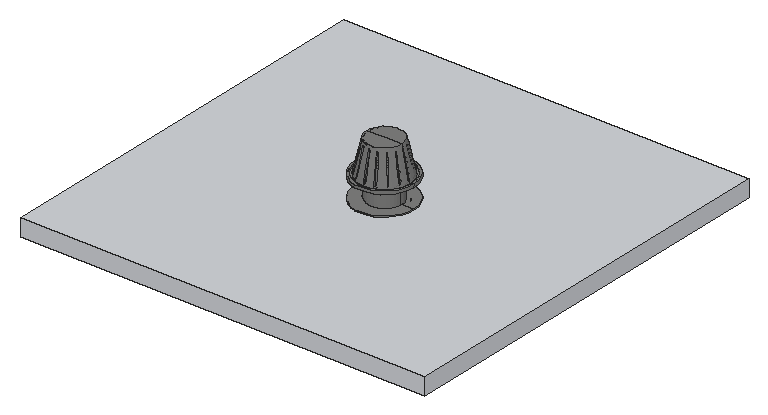
Revit family
Parameters (values of type "3"")
  URL = "WWW.MIFAB.COM"
  Top Diameter = 14.125"
  Roof Drain = Roof Drain
  R1 = 5.000"
  Pipe Radius = 1.500"
  Pipe Diameter = Pipe Radius * 2  # 3.000"
  Model = "R1200-HC"
  Manufacturer = "MIFAB"
  H3 = Body Height / 3.375  # 1.81481"
  H2 = Body Height / 1.99  # 3.07789"
  H1 = Body Height / 1.53  # 4.00327"
  Description = "LARGE SUMP ROOF DRAIN WITH PARABOLIC FLOW CONTROL WEIR"
  Default Elevation = 48.000"
  Body Height = 6.125"
Types (7): name | Pipe Radius | Pipe Diameter | H3 | H2 | H1 | Body Height
  (no name) | 1.500" | 3.000" | 1.81481" | 3.07789" | 4.00327" | 6.125"
  4" | 2.000" | 4.000" | 1.81481" | 3.07789" | 4.00327" | 6.125"
  2" | 1.000" | 2.000" | 1.81481" | 3.07789" | 4.00327" | 6.125"
  3" | 1.500" | 3.000" | 1.81481" | 3.07789" | 4.00327" | 6.125"
  5" | 2.500" | 5.000" | 1.81481" | 3.07789" | 4.00327" | 6.125"
  6" | 3.000" | 6.000" | 2.37037" | 4.0201" | 5.22876" | 8.000"
  8" | 4.000" | 8.000" | 2.37037" | 4.0201" | 5.22876" | 8.000"
Reference planes (in)
  plane 1 "Center (Front/Back)": y = 0
  plane 2: z = 0
  plane 3 "Center (Left/Right)": x = 0
  plane 4: x = 1.7
  plane 5: x = 4.25
  plane 6: x = 4.5
  plane 7: x = 5
  plane 8: x = 7.0625
  plane 9: x = 1.5
  plane 10: z = -6.125
  plane 11: z = -4.00327
  plane 12: z = -3.07789
  plane 13: z = -0.2
  plane 14: z = 0.2085
  plane 15: z = -1.81481
  plane 16: x = 6
  plane 17: x = -0.25
  plane 18: x = 0.25
  plane 19: z = 0.7085
  plane 20: x = -7.0625
  plane 21: x = 4.2
  plane 22: z = 12.2915
  plane 23: z = 5.5625
  plane 24: x = -4.2
  plane 25: z = 5
  plane 26: z = 5
  plane 27: z = 13
Forms (in)
  Extrusion 1, solid
    sketch origin (0, 0, 0) x (1, 0, 0) y (0, 1, 0)
      loop
        line (-48, 48) -> (-48, -48) -> (48, -48) -> (48, 48) -> (-48, 48)
    from 0 to -4
  Revolve 2, solid, material "Roof Drain" <- "Roof Drain"
    sketch origin (0, 0, 0) x (1, 0, 0) y (0, 0, 1)
      loop
        line (1.7, -6.125) -> (1.7, -4.00327) -> (4.25, -4.00327) -> (4.5, -0.2) -> (5, -0.2) -> (5, 0) -> (7.0625, 0) -> (7.0625, 0.2085) -> (3.9921, 0.2085) -> (3.9921, 0) -> (4.30026, 0) -> (4.05026, -3.80327) -> (1.5, -3.80327) -> (1.5, -6.125) -> (1.7, -6.125)
      axis (0, 0.2085) -> (0, -6.125)
    angle from 0 to 360
  Revolve 3, solid, material "Roof Drain" <- "Roof Drain"
    sketch origin (0, 0, 16.5) x (1, 0, 0) y (0, 0, 1)
      loop
        line (0, -3.5) -> (0, -3.7) -> (3.99277, -3.7) -> (5.79473, -11.5) -> (4.8, -11.5) -> (4.8, -12.05231) -> (3.8, -12.05231) -> (3.8, -18.31481) -> (4, -18.31481) -> (4, -12.25231) -> (5, -12.25231) -> (5, -11.67503) -> (7.0625, -11.67503) -> (7.0625, -10.99674) -> (6.54252, -10.99674) -> (6.54252, -11.25924) -> (6.8625, -11.25924) -> (6.8625, -11.5) -> (6.5, -11.5) -> (6.5, -11.3125) -> (5.95668, -11.3125) -> (4.15183, -3.5) -> (0, -3.5)
      axis (0, -18.31481) -> (0, -3.5)
    angle from 0 to 360
  Extrusion 4, void
    sketch origin (0, 0, 16.5) x (1, 0, 0) y (0, 0, 1)
      loop
        line (-0.25, -4.2085) -> (-0.25, -10.9375) -> (0.25, -10.9375) -> (0.25, -4.2085) -> (-0.25, -4.2085)
    from -6.43838 to 6.34689
  Extrusion 5, void
    sketch origin (0, 0, 16.5) x (0.92388, -0.382683, 0) y (0, 0, 1)
      loop
        line (-0.25, -4.2085) -> (-0.25, -10.9375) -> (0.25, -10.9375) -> (0.25, -4.2085) -> (-0.25, -4.2085)
    from -6.43838 to 6.34689
  Extrusion 6, void
    sketch origin (0, 0, 16.5) x (0.92388, 0.382683, 0) y (0, 0, 1)
      loop
        line (-0.25, -4.2085) -> (-0.25, -10.9375) -> (0.25, -10.9375) -> (0.25, -4.2085) -> (-0.25, -4.2085)
    from -6.43838 to 6.34689
  Extrusion 7, void
    sketch origin (0, 0, 16.5) x (0.707107, 0.707107, 0) y (0, 0, 1)
      loop
        line (-0.25, -4.2085) -> (-0.25, -10.9375) -> (0.25, -10.9375) -> (0.25, -4.2085) -> (-0.25, -4.2085)
    from -6.43838 to 6.34689
  Extrusion 8, void
    sketch origin (0, 0, 16.5) x (0.382683, 0.92388, 0) y (0, 0, 1)
      loop
        line (-0.25, -4.2085) -> (-0.25, -10.9375) -> (0.25, -10.9375) -> (0.25, -4.2085) -> (-0.25, -4.2085)
    from -6.43838 to 6.34689
  Extrusion 9, void
    sketch origin (0, 0, 16.5) x (0, 1, 0) y (0, 0, 1)
      loop
        line (-0.25, -4.2085) -> (-0.25, -10.9375) -> (0.25, -10.9375) -> (0.25, -4.2085) -> (-0.25, -4.2085)
    from -6.43838 to 6.34689
  Extrusion 10, void
    sketch origin (0, 0, 16.5) x (-0.382683, 0.92388, 0) y (0, 0, 1)
      loop
        line (-0.25, -4.2085) -> (-0.25, -10.9375) -> (0.25, -10.9375) -> (0.25, -4.2085) -> (-0.25, -4.2085)
    from -6.43838 to 6.34689
  Extrusion 11, void
    sketch origin (0, 0, 16.5) x (-0.707107, 0.707107, 0) y (0, 0, 1)
      loop
        line (-0.25, -4.2085) -> (-0.25, -10.9375) -> (0.25, -10.9375) -> (0.25, -4.2085) -> (-0.25, -4.2085)
    from -6.43838 to 6.34689
Cuts and joins
  Extrusion 4, Extrusion 5, Extrusion 6, Extrusion 7, Extrusion 8, Extrusion 9, Extrusion 10, Extrusion 11 cuts Revolve 3
Dimensions and locks (in)
  "Pipe Radius": plane 9 to plane 3 "Center (Left/Right)"
  locked: plane 4 to plane 9 at 0.2
  "R1": plane 7 to plane 3 "Center (Left/Right)"
  locked: plane 5 to plane 3 "Center (Left/Right)" at 4.25
  locked: plane 6 to plane 3 "Center (Left/Right)" at 4.5
  "Body Height": level to plane 10
  level to plane 13 = 0.200"
  "H3": level to plane 15
  "H2": Extrusion 1 to plane 12
  "H1": level to plane 11
  locked: plane 16 to plane 3 "Center (Left/Right)" at 6
  locked: Revolve 2 sketch curve to Revolve 2 sketch curve at 0.2
  locked: Revolve 2 sketch curve to Revolve 2 sketch curve at 0.21243
  locked: plane 19 to plane 14 at 0.5
  equal spacing: plane 20, plane 3 "Center (Left/Right)", plane 8
  "Top Diameter": plane 20 to plane 8
  locked: Revolve 3 sketch curve to Revolve 3 sketch curve at 0.2
  plane 24 to plane 21 = 8.400"
  plane 26 to level = 5.000"
  plane 8 to Revolve 3 sketch curve to Revolve 3 sketch curve to Revolve 3 sketch curve = 0.200" locked, 0.31998" locked, 0.04252" locked
  locked: plane 27 to plane 26 at 8
  plane 27 to Revolve 3 sketch curve = 0.200"
  locked: plane 27 to plane 22 at 0.7085
  locked: plane 23 to plane 26 at 0.5625
  aligned and locked: plane 2 to Extrusion 1
  aligned and locked: level to Extrusion 1
  aligned and locked: Revolve 2 sketch curve to plane 10
  aligned and locked: Revolve 2 sketch curve to plane 4
  aligned and locked: Revolve 2 sketch curve to plane 13
  aligned and locked: Revolve 2 sketch curve to plane 7
  aligned and locked: Extrusion 1 to Revolve 2 sketch curve
  aligned and locked: Revolve 2 sketch curve to plane 8
  aligned and locked: Revolve 2 sketch curve to plane 14
  aligned and locked: Revolve 2 sketch curve to plane 3 "Center (Left/Right)"
  aligned and locked: plane 9 to Revolve 2 sketch curve
  aligned and locked: Revolve 2 sketch curve to plane 11
  aligned and locked: plane 26 to plane 25
  aligned and locked: Revolve 3 sketch curve to plane 8
  aligned and locked: Revolve 3 sketch curve to plane 27
Automatic sketch dimensions
  Extrusion 1 sketch curve to Extrusion 1 sketch curve = 96.000"  (x2)
  Extrusion 4 sketch curve to plane 17 = 0.000"
  Extrusion 4 sketch curve to plane 18 = 0.000"
  Extrusion 4 sketch curve to plane 23 = 0.000"
  Extrusion 4 sketch curve to plane 22 = 0.000"
  Extrusion 5 sketch curve to plane 23 = 0.000"
  Extrusion 5 sketch curve to plane 22 = 0.000"
  Extrusion 5 sketch curve to Extrusion 5 sketch curve = 0.500"
  Extrusion 6 sketch curve to plane 23 = 0.000"
  Extrusion 6 sketch curve to plane 22 = 0.000"
  Extrusion 6 sketch curve to Extrusion 6 sketch curve = 0.500"
  Extrusion 7 sketch curve to plane 23 = 0.000"
  Extrusion 7 sketch curve to plane 22 = 0.000"
  Extrusion 7 sketch curve to Extrusion 7 sketch curve = 0.500"
  Extrusion 8 sketch curve to plane 23 = 0.000"
  Extrusion 8 sketch curve to plane 22 = 0.000"
  Extrusion 8 sketch curve to Extrusion 8 sketch curve = 0.500"
  Extrusion 9 sketch curve to plane 23 = 0.000"
  Extrusion 9 sketch curve to plane 22 = 0.000"
  plane 1 "Center (Front/Back)" to Extrusion 9 sketch curve = 0.250"
  Extrusion 9 sketch curve to plane 1 "Center (Front/Back)" = 0.250"
  plane 23 to Extrusion 10 sketch curve = 0.000"
  plane 22 to Extrusion 10 sketch curve = 0.000"
  Extrusion 10 sketch curve to Extrusion 10 sketch curve = 0.500"
  plane 23 to Extrusion 11 sketch curve = 0.000"
  plane 22 to Extrusion 11 sketch curve = 0.000"
  Extrusion 11 sketch curve to Extrusion 11 sketch curve = 0.500"
  Revolve 3 sketch curve to plane 3 "Center (Left/Right)" = 0.000"  (x2)
  Revolve 3 sketch curve to plane 15 = 0.000"
  Revolve 3 sketch curve to plane 25 = 0.000"  (x2)
  Revolve 3 sketch curve to plane 7 = 0.000"
  Revolve 3 sketch curve to plane 21 = 0.400"
  Revolve 3 sketch curve to Revolve 3 sketch curve = 0.200"  (x2)
  Revolve 3 sketch curve to Revolve 3 sketch curve = 0.15906"
  Revolve 3 sketch curve to plane 7 = 0.200"
  Revolve 3 sketch curve to plane 16 = 0.04332"
  Revolve 3 sketch curve to plane 23 = 0.05924"
  Revolve 3 sketch curve to plane 25 = 0.75231"
  Revolve 3 sketch curve to plane 25 = 0.17503"
  Revolve 3 sketch curve to Revolve 3 sketch curve = 0.05326"
  Revolve 3 sketch curve to Revolve 3 sketch curve = 4.7915"
  Revolve 3 sketch curve to Revolve 3 sketch curve = 1.750"
  Revolve 2 sketch curve to plane 5 = 0.000"
  Revolve 2 sketch curve to plane 6 = 0.000"
  Revolve 2 sketch curve to plane 21 = 0.2079"
  plane 10 to Revolve 2 sketch curve = 5.000"
  Revolve 2 sketch curve to Revolve 2 sketch curve = 11.000"
  Revolve 2 sketch curve to level = 0.000"
  Revolve 3 sketch curve to Revolve 3 sketch curve = 0.1875"
Connectors (in)
  piping at (0, 0, -6.125), driven by "Pipe Radius"
    settings: on Revolve 2, index 1, connector radius 1 1/2", flow factor 0, pipe flow 0 GPM, pressure drop 0.00 psi, fitting loss kfactor 0, connector angle 0.00°, fixture units 0, flow configuration 0, flow direction 2, fitting loss method 0, system type 16, connector reference index -1, connector utility 0, adjustable connector no, is connector primary yes, fitting loss table "", connector description ""
